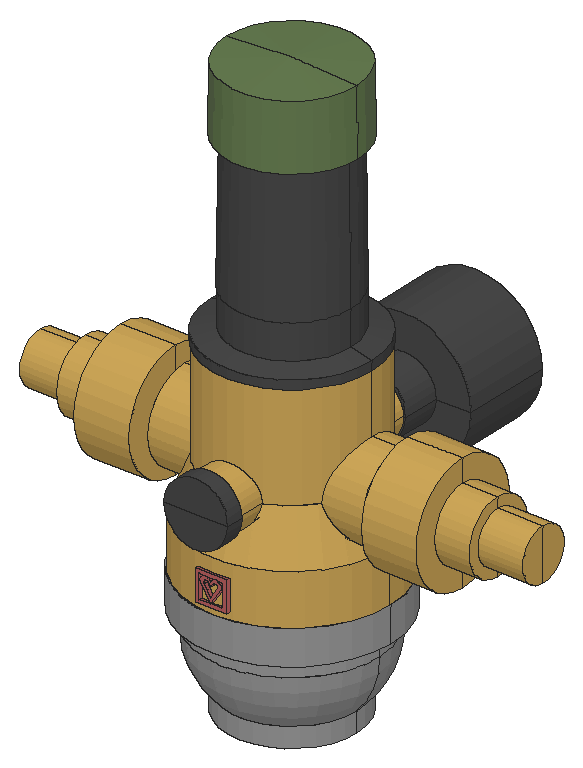
Revit family "HERZ Diaphragm Pressure Reducing Valve With Plastic Cap 2682", category Rohrzubehör, Revit 2020
Family settings
  Bemaßung runder Anschluss = Durchmesser verwenden
  Teiletyp = Unterbricht
  OmniClass-Nummer = 23.65.55.14
  OmniClass-Titel = Valves for Liquid Services
  Arbeitsebenenbasiert = Nein
  Immer vertikal = Ja
  Beim Laden mit Abzugskörper schneiden = Nein
  Gemeinsam genutzt = Nein
Parameters (values of type "Manometer back")
  Vorgabe-Ansicht = 0.000 mm
  Part number [instance] = size_lookup("2682_K_", "Artnr", 0, Nennweite)  # 1268211
  Note = "Pursuant to Article 33 of the REACH Regulation (EC No. 1907/2006), we are obliged to point out that the material lead is listed on the SVHC list and that all brass components manufactured in our products exceed 0.1% (w / w) lead (CAS: 7439-92-1 / EINECS: 231-100-4).\r\nSince lead is a component part of an alloy, actual exposure is not possible and therefore no additional information on safe use is necessary."
  Factory settings = 300000.0 Pa  # constant formula
  W01 = 91.00°  # constant formula
  Vorne [instance] = no
  VRL03 [instance] = size_lookup("2682_K_", "VRL3", 1.000 mm, Nennweite)  # 23.500 mm
  VRL02 [instance] = size_lookup("2682_K_", "VRL2", 1.000 mm, Nennweite)  # 16.000 mm
  VRL01 [instance] = size_lookup("2682_K_", "VRL1", 1.000 mm, Nennweite)  # 73.500 mm
  VRD02 [instance] = size_lookup("2682_K_", "VRD2", 1.000 mm, Nennweite)  # 17.000 mm
  VRD01 [instance] = size_lookup("2682_K_", "VRD1", 1.000 mm, Nennweite)  # 10.500 mm
  VRAG [instance] = Nennweite / 2  # 7.500 mm
  URL = "www.herzvalves.com"
  Standard = "EN 1567"  # constant formula
  Spring = "spring steel"  # constant formula
  SC_NennweiteBerechnet = 0
  SC_Dimension = ""
  SCTWSEQ = "AW;SBT_TYP_AW=\"111\";2"
  SCTWCODE = "04;24;02"  # constant formula
  S02 = 10.000 mm  # constant formula
  S01 [instance] = VRD02 * 2  # 34.000 mm
  R07 [instance] = R05 + 0.800 mm  # 9.300 mm
  R06 = 19.500 mm  # constant formula
  R05 [instance] = size_lookup("2682_K_", "R5", 1.000 mm, Nennweite)  # 8.500 mm
  R04 [instance] = size_lookup("2682_K_", "R4", 1.000 mm, Nennweite)  # 18.900 mm
  R03 [instance] = size_lookup("2682_K_", "R3", 1.000 mm, Nennweite)  # 19.250 mm
  R02 [instance] = size_lookup("2682_K_", "R2", 1.000 mm, Nennweite)  # 28.750 mm
  R01 [instance] = size_lookup("2682_K_", "R1", 1.000 mm, Nennweite)  # 23.250 mm
  Upper part = "PA6.6"  # constant formula
  Nennweite [instance] = 15.000 mm
  Max. operating temperature = 40 °C  # constant formula
  Diaphragm = "EPDM"  # constant formula
  Medium = "water"  # constant formula
  Max. inlet pressure = 1600000.0 Pa  # constant formula
  Manometer scale = "0 - 10 bar"  # constant formula
  Pressure gauge connectors = "1/4\" F (ISO 228-1)"
  LO01 [instance] = H02 - 2.000 mm  # 27.000 mm
  L01 [instance] = size_lookup("2682_K_", "L1", 1.000 mm, Nennweite)  # 10.600 mm
  L00 [instance] = size_lookup("2682_K_", "L", 1.000 mm, Nennweite)  # 84.000 mm
  Bottom cover = "PA12, transparent"  # constant formula
  Hinten [instance] = yes
  Hersteller = "HERZ Armaturen Ges.m.b.H."  # constant formula
  Handle = "PA 6.6, green"  # constant formula
  H12 [instance] = size_lookup("2682_K_", "H12", 1.000 mm, Nennweite)  # 5.800 mm
  H11 [instance] = size_lookup("2682_K_", "H11", 1.000 mm, Nennweite)  # 10.000 mm
  H10 [instance] = size_lookup("2682_K_", "H10", 1.000 mm, Nennweite)  # 37.000 mm
  H09 [instance] = H01 + H04 - H05  # 84.500 mm
  H08 [instance] = size_lookup("2682_K_", "H8", 1.000 mm, Nennweite)  # 20.000 mm
  H07 [instance] = size_lookup("2682_K_", "H7", 1.000 mm, Nennweite)  # 10.000 mm
  H06 [instance] = size_lookup("2682_K_", "H6", 1.000 mm, Nennweite)  # 2.500 mm
  H05 [instance] = size_lookup("2682_K_", "H5", 1.000 mm, Nennweite)  # 4.700 mm
  H04 [instance] = size_lookup("2682_K_", "H4", 1.000 mm, Nennweite)  # 58.700 mm
  H03 [instance] = D02 + 1.000 mm  # 14.220 mm
  H02 [instance] = size_lookup("2682_K_", "H2", 1.000 mm, Nennweite)  # 29.000 mm
  H01 [instance] = size_lookup("2682_K_", "H1", 1.000 mm, Nennweite)  # 30.500 mm
  GT1 [instance] = size_lookup("2682_K_", "GT1", 1.000 mm, Nennweite)  # 12.000 mm
  GT [instance] = size_lookup("2682_K_", "GT", 1.000 mm, Nennweite)  # 13.200 mm
  Filter = "stainless stee, mesh size 0.3 mm"  # constant formula
  Spring guide = "stainless steel"  # constant formula
  Outlet pressure range = "1.5 - 6 bar"  # constant formula
  Sealing = "EPDM"  # constant formula
  D09 [instance] = size_lookup("2682_K_", "D9", 1.000 mm, Nennweite)  # 19.000 mm
  D08 [instance] = size_lookup("2682_K_", "D8", 1.000 mm, Nennweite)  # 25.800 mm
  D07 [instance] = size_lookup("2682_K_", "D7", 1.000 mm, Nennweite)  # 29.000 mm
  D06 [instance] = size_lookup("2682_K_", "D6", 1.000 mm, Nennweite)  # 16.000 mm
  D05 [instance] = size_lookup("2682_K_", "D5", 1.000 mm, Nennweite)  # 16.800 mm
  D04 [instance] = size_lookup("2682_K_", "D4", 1.000 mm, Nennweite)  # 17.300 mm
  D03 [instance] = size_lookup("2682_K_", "D3", 1.000 mm, Nennweite)  # 23.500 mm
  D02 [instance] = size_lookup("2682_K_", "D2", 1.000 mm, Nennweite)  # 13.220 mm
  D01 [instance] = size_lookup("2682_K_", "D1", 1.000 mm, Nennweite)  # 9.525 mm
  Body = "forged brass acc. to EN 12165; CW626N"  # constant formula
  B03 = 5.000 mm  # constant formula
  B02 = 26.000 mm  # constant formula
  B01 [instance] = size_lookup("2682_K_", "B1", 1.000 mm, Nennweite)  # 30.000 mm
  B00 [instance] = size_lookup("2682_K_", "B", 1.000 mm, Nennweite)  # 67.000 mm
  External thread = "acc. to ISO 7-1 and ISO228"  # constant formula
  Application = "The pressure reducing valve protects installations against over pressure (reduces input pressure to a working level).\r\nIt can also be used in heating systems to protect boiler against increased pressure.\r\nThe outlet pressure is adjustable and does not vary with changes of the inlet pressure.\r\nThe outlet pressure can be adjusted by turning the green handle.\r\nTurning the handle clockwise increases the outlet pressure.\r\nTurning above the stated values on the pressure reducer scale may damage the valve.\r\nWe recommend the max. outlet pressure of 4 bar for private house installations (product long life, costs,...).\r\nAfter each new setting of the outlet pressure, the regulated pipe has to be opened and closed."
Types (3, lengths in mm): name | Note | Vorne | URL | Hinten | Application
  (no name) | "Pursuant to Article 33 of the REACH Regulation (EC No. 1907/2006), we are obliged to point out that the material lead is listed on the SVHC list and that all brass components manufactured in our products exceed 0.1% (w / w) lead (CAS: 7439-92-1 / EINECS: 231-100-4).\r\nSince lead is a component part of an alloy, actual exposure is not possible and therefore no additional information on safe use is necessary." | no | "www.herzvalves.com" | yes | "The pressure reducing valve protects installations against over pressure (reduces input pressure to a working level).\r\nIt can also be used in heating systems to protect boiler against increased pressure.\r\nThe outlet pressure is adjustable and does not vary with changes of the inlet pressure.\r\nThe outlet pressure can be adjusted by turning the green handle.\r\nTurning the handle clockwise increases the outlet pressure.\r\nTurning above the stated values on the pressure reducer scale may damage the valve.\r\nWe recommend the max. outlet pressure of 4 bar for private house installations (product long life, costs,...).\r\nAfter each new setting of the outlet pressure, the regulated pipe has to be opened and closed."
  Manometer front | "Gemäß Art 33 der REACH-Verordnung (EG Nr. 1907/2006) sind wir verpflichtet, darauf hinzuweisen, dass der Stoff Blei auf der SVHC-Liste geführt wird und dass alle aus Messing bestehenden Bauteile, die in unseren Erzeugnissen verarbeitet sind, mehr als 0,1 % (w/w) Blei (CAS: 7439-92-1 / EINECS: 231-100-4) enthalten.\r\nDa Blei als Legierungsbestandteil fest gebunden ist, sind keine Expositionen zu erwarten und daher sind keine zusätzlichen Angaben zur sicheren Verwendung notwendig." | yes | "www.herz-armaturen.at" | no | "Typischerweise dient der Druckreduzierer dazu, Installationen beziehungsweise Anlagen vor zu hohem Druck zu schützen.\r\nWeiters können Druckreduzierer in Heizungsanlagen eingesetzt werden, um zu hohe Drücke im Boiler zu verhindern.\r\nDer Druck nach dem Druckreduzierer ist im angegebenen Bereich einstellbar und steht nicht im Zusammenhang mit dem Vordruck.\r\nUm den Druck nach dem Druckreduzierer zu steigern, muss der Handgriff im Uhrzeigersinn gedreht werden.\r\nDurch das Einstellen von Drücken, welche die vorgegebene Skala überschreiten, können Schäden am Druckreduzierer entstehen.\r\nWir empfehlen einen maximalen Hinterdruck sekundärseitig von 4 bar für Anlagen in privaten Haushalten (lange Produktlebensdauer, geringe Kosten).\r\nNach jeder Änderung des Einstellwertes muss die Ausgangsseite druckentlastet werden, zum Beispiel durch Wasserzapfen."
  Manometer back | "Pursuant to Article 33 of the REACH Regulation (EC No. 1907/2006), we are obliged to point out that the material lead is listed on the SVHC list and that all brass components manufactured in our products exceed 0.1% (w / w) lead (CAS: 7439-92-1 / EINECS: 231-100-4).\r\nSince lead is a component part of an alloy, actual exposure is not possible and therefore no additional information on safe use is necessary." | no | "www.herzvalves.com" | yes | "The pressure reducing valve protects installations against over pressure (reduces input pressure to a working level).\r\nIt can also be used in heating systems to protect boiler against increased pressure.\r\nThe outlet pressure is adjustable and does not vary with changes of the inlet pressure.\r\nThe outlet pressure can be adjusted by turning the green handle.\r\nTurning the handle clockwise increases the outlet pressure.\r\nTurning above the stated values on the pressure reducer scale may damage the valve.\r\nWe recommend the max. outlet pressure of 4 bar for private house installations (product long life, costs,...).\r\nAfter each new setting of the outlet pressure, the regulated pipe has to be opened and closed."
Reference planes
  plane 1 "Mitte (Vorne/hinten)": y = 0
  plane 2: z = 0
  plane 3 "Mitte (Links/rechts)": x = 0
Forms (mm)
  Revolve 1, solid, material "Messing, weicher Gelbton, geschweißt", detail levels fine
    sketch origin (0, 0, 0) x (1, 0, 0) y (0, 0, 1)
      loop
        line (-42, 0) -> (42, 0) -> (42, 9.525) -> (31.4, 9.525) -> (31.4, 13.22) -> (-31.4, 13.22) -> (-31.4, 9.525) -> (-42, 9.525) -> (-42, 0)
      axis (-42, 0) -> (42, 0)
    angle from 0 to 360
  Revolve 2, solid, material "Messing, weicher Gelbton, geschweißt", detail levels fine
    sketch origin (0, 0, 0) x (1, 0, 0) y (0, 0, 1)
      loop
        line (0, -29) -> (28.75, -29) -> (28.75, -14.22) -> (23.25, 0) -> (23.25, 30.5) -> (0, 30.5) -> (0, -29)
      axis (0, 30.5) -> (0, -29)
    angle from 0 to 360
  Revolve 3, solid, material "Acetalharz, Schwarz", detail levels fine
    sketch origin (0, 0, 0) x (1, 0, 0) y (0, 0, 1)
      loop
        line (0, 30.5) -> (0, 89.2) -> (-16, 89.2) -> (-16, 84.5) -> (-16.8, 84.5) -> (-17.3, 44.5) -> (-17.3, 34.5) -> (-23.5, 33) -> (-23.5, 30.5) -> (0, 30.5)
      axis (0, 89.2) -> (0, 30.5)
    angle from 0 to 360
  Revolve 4, solid, material "Kunststoff GRÜN", detail levels fine
    sketch origin (0, 0, 0) x (1, 0, 0) y (0, 0, 1)
      loop
        line (0, 84.5) -> (19.25, 84.5) -> (18.9, 103.392)
        arc (18.9, 103.392) -> (9.466, 104.223) -> (0, 104.5) r 161.794
        line (0, 104.5) -> (0, 84.5)
      axis (0, 104.5) -> (0, 84.5)
    angle from 0 to 360
  Revolve 5, solid, material "Kunststoff, transparent", detail levels fine
    sketch origin (0, 0, 0) x (1, 0, 0) y (0, 0, 1)
      loop
        line (0, -29) -> (0, -66) -> (19, -66) -> (19, -60.2)
        arc (19, -60.2) -> (24.034, -52.577) -> (25.8, -43.615) r 23.626
        line (25.8, -43.615) -> (25.8, -39) -> (29, -39) -> (29, -29) -> (0, -29)
      axis (0, -29) -> (0, -66)
    angle from 0 to 360
  Revolve 6, solid, material "Messing, weicher Gelbton, geschweißt", detail levels fine
    sketch origin (0, 0, 0) x (1, 0, 0) y (0, 0, 1)
      loop
        line (34, 9.525) -> (46, 9.525) -> (46, 0) -> (73.5, 0) -> (73.5, 7.5) -> (60.3, 7.5) -> (60.3, 10.5) -> (50, 10.5) -> (50, 17) -> (34, 17) -> (34, 9.525)
      loop
        line (-34, 9.525) -> (-34, 17) -> (-50, 17) -> (-50, 10.5) -> (-60.3, 10.5) -> (-60.3, 7.5) -> (-73.5, 7.5) -> (-73.5, 0) -> (-46, 0) -> (-46, 9.525) -> (-34, 9.525)
      axis (-73.5, 0) -> (73.5, 0)
    angle from 0 to 360
  Revolve 7, solid, material "Messing, weicher Gelbton, geschweißt", detail levels fine
    sketch origin (0, 0, 0) x (1, 0, 0) y (0, 1, 0)
      loop
        line (0, 30) -> (0, -30) -> (8.5, -30) -> (8.5, 30) -> (0, 30)
      axis (0, 30) -> (0, -30)
    angle from 0 to 360
  Revolve 8, solid, material "Acetalharz, Schwarz", visible <- "Vorne", detail levels fine
    sketch origin (0, 0, 0) x (1, 0, 0) y (0, 1, 0)
      loop
        line (0, -30) -> (0, -65) -> (17.5, -65) -> (17.5, -67) -> (19.5, -67) -> (19.5, -41) -> (9.3, -41) -> (9.3, -30) -> (0, -30)
      axis (0, -30) -> (0, -67)
    angle from 0 to 360
  Revolve 9, solid, material "Acetalharz, Schwarz", visible <- "Vorne", detail levels fine
    sketch origin (0, 0, 0) x (1, 0, 0) y (0, 1, 0)
      loop
        line (0, 30) -> (9.3, 30) -> (9.3, 35) -> (0, 35) -> (0, 30)
      axis (0, 35) -> (0, 30)
    angle from 0 to 360
  Revolve 10, solid, material "Acetalharz, Schwarz", visible <- "Hinten", detail levels fine
    sketch origin (0, 0, 0) x (1, 0, 0) y (0, -1, 0)
      loop
        line (0, 30) -> (9.3, 30) -> (9.3, 35) -> (0, 35) -> (0, 30)
      axis (0, 35) -> (0, 30)
    angle from 0 to 360
  Revolve 11, solid, material "Acetalharz, Weiß", visible <- "Vorne", detail levels fine
    sketch origin (0, 0, 0) x (1, 0, 0) y (0, 1, 0)
      loop
        line (0, -65) -> (0, -66.5) -> (17.5, -66.5) -> (17.5, -65) -> (0, -65)
      axis (0, -65) -> (0, -66.5)
    angle from 0 to 360
  Revolve 12, solid, material "Acetalharz, Schwarz", visible <- "Hinten", detail levels fine
    sketch origin (0, 0, 0) x (1, 0, 0) y (0, -1, 0)
      loop
        line (0, -30) -> (0, -65) -> (17.5, -65) -> (17.5, -67) -> (19.5, -67) -> (19.5, -41) -> (9.3, -41) -> (9.3, -30) -> (0, -30)
      axis (0, -30) -> (0, -67)
    angle from 0 to 360
  Revolve 13, solid, material "Acetalharz, Weiß", visible <- "Hinten", detail levels fine
    sketch origin (0, 0, 0) x (1, 0, 0) y (0, -1, 0)
      loop
        line (0, -65) -> (0, -66.5) -> (17.5, -66.5) -> (17.5, -65) -> (0, -65)
      axis (0, -65) -> (0, -66.5)
    angle from 0 to 360
Lines and regions (mm)
  model lines, detail levels coarse+medium
    curve 1: line (-42, 0, -17) -> (-42, 0, 17)
    curve 2: line (-42, 0, 17) -> (42, 0, -34)
    curve 3: line (42, 0, -34) -> (42, 0, 34)
    curve 4: line (42, 0, 34) -> (-42, 0, -17)
    curve 5: line (-42, 0, 17) -> (-52, 0, 17)
    curve 6: line (-52, 0, 17) -> (-42, 0, 0)
    curve 7: line (-42, 0, -17) -> (-52, 0, -17)
    curve 8: line (-52, 0, -17) -> (-42, 0, 0)
    curve 9: line (-42, 0, 0) -> (-73.5, 0, 0)
    curve 10: line (42, 0, 17) -> (52, 0, 17)
    curve 11: line (52, 0, 17) -> (42, 0, 0)
    curve 12: line (42, 0, -17) -> (52, 0, -17)
    curve 13: line (52, 0, -17) -> (42, 0, 0)
    curve 14: line (42, 0, 0) -> (73.5, 0, 0)
    curve 15: line (-42, -17, 0) -> (-42, 17, 0)
    curve 16: line (-42, 17, 0) -> (42, -34, 0)
    curve 17: line (42, -34, 0) -> (42, 34, 0)
    curve 18: line (42, 34, 0) -> (-42, -17, 0)
    curve 19: line (-42, 17, 0) -> (-52, 17, 0)
    curve 20: line (-52, 17, 0) -> (-42, 0, 0)
    curve 21: line (-42, -17, 0) -> (-52, -17, 0)
    curve 22: line (-52, -17, 0) -> (-42, 0, 0)
    curve 23: line (42, 0, -17) -> (42, 0, 17)
    curve 24: line (42, 0, 17) -> (52, 0, 17)
    curve 25: line (52, 0, 17) -> (42, 0, 0)
    curve 26: line (42, 17, 0) -> (52, 17, 0)
    curve 27: line (52, 17, 0) -> (42, 0, 0)
    curve 28: line (42, -17, 0) -> (52, -17, 0)
    curve 29: line (52, -17, 0) -> (42, 0, 0)
Dimensions and locks
  equal spacing: Revolve 1 sketch curve, plane 3 "Mitte (Links/rechts)", Revolve 1 sketch curve
  "L00": Revolve 1 sketch curve to Revolve 1 sketch curve
  "L01": Revolve 1 sketch curve to Revolve 1 sketch curve  (x2)
  "D01": Revolve 1 sketch curve to Revolve 1 sketch curve  (x2)
  "D02": Revolve 1 sketch curve to plane 2
  "R01": Revolve 2 sketch curve to Revolve 2 sketch curve
  "R02": Revolve 2 sketch curve to Revolve 2 sketch curve
  "H01": Revolve 2 sketch curve to plane 2
  "H02": plane 2 to Revolve 2 sketch curve
  "H03": plane 2 to Revolve 2 sketch curve
  "H01": Revolve 3 sketch curve to plane 2
  "H04": Revolve 3 sketch curve to Revolve 3 sketch curve
  "H05": Revolve 3 sketch curve to Revolve 3 sketch curve
  "H06": Revolve 3 sketch curve to Revolve 3 sketch curve
  "H07": Revolve 3 sketch curve to Revolve 3 sketch curve
  "D03": Revolve 3 sketch curve to Revolve 3 sketch curve
  "D04": Revolve 3 sketch curve to Revolve 3 sketch curve
  "D05": Revolve 3 sketch curve to Revolve 3 sketch curve
  "D06": Revolve 3 sketch curve to Revolve 3 sketch curve
  "R03": Revolve 4 sketch curve to Revolve 4 sketch curve
  "H08": Revolve 4 sketch curve to Revolve 4 sketch curve
  "R04": Revolve 4 sketch curve to plane 3 "Mitte (Links/rechts)"
  "H09": Revolve 4 sketch curve to plane 2
  "H10": Revolve 5 sketch curve to Revolve 5 sketch curve
  "H02": plane 2 to Revolve 5 sketch curve
  "D07": Revolve 5 sketch curve to Revolve 5 sketch curve
  "H11": Revolve 5 sketch curve to Revolve 5 sketch curve
  "D08": Revolve 5 sketch curve to Revolve 5 sketch curve
  "H12": Revolve 5 sketch curve to Revolve 5 sketch curve
  "D09": Revolve 5 sketch curve to Revolve 5 sketch curve
  "VRL02": Revolve 6 sketch curve to Revolve 6 sketch curve  (x2)
  "VRL01": Revolve 6 sketch curve to plane 3 "Mitte (Links/rechts)"
  "GT": Revolve 6 sketch curve to Revolve 6 sketch curve  (x2)
  "VRL03": Revolve 6 sketch curve to Revolve 6 sketch curve  (x2)
  "D01": Revolve 6 sketch curve to plane 2  (x2)
  "GT1": Revolve 6 sketch curve to Revolve 6 sketch curve  (x2)
  "VRAG": Revolve 6 sketch curve to plane 2  (x2)
  "VRD01": Revolve 6 sketch curve to plane 2  (x2)
  "VRD02": Revolve 6 sketch curve to Revolve 6 sketch curve  (x2)
  "VRL01": plane 3 "Mitte (Links/rechts)" to Revolve 6 sketch curve
  "B01": Revolve 7 sketch curve to plane 1 "Mitte (Vorne/hinten)" to Revolve 7 sketch curve
  "R05": Revolve 7 sketch curve to Revolve 7 sketch curve
  "B00": Revolve 8 sketch curve to plane 1 "Mitte (Vorne/hinten)"
  "B01": plane 1 "Mitte (Vorne/hinten)" to Revolve 8 sketch curve
  "B02": Revolve 8 sketch curve to Revolve 8 sketch curve
  "R06": Revolve 8 sketch curve to Revolve 8 sketch curve
  "R07": Revolve 8 sketch curve to Revolve 8 sketch curve
  "R02": nested 1 to plane 1 "Mitte (Vorne/hinten)"
  "LO01": plane 2 to nested 1
  "VRD02": curve 2 to plane 2 to curve 4
  "S01": curve 4 to plane 2 to curve 3
  equal spacing: curve 3, plane 3 "Mitte (Links/rechts)", curve 1
  "L00": curve 3 to curve 1
  "S02": curve 1 to curve 6
  "S02": curve 1 to curve 8
  "VRL01": plane 3 "Mitte (Links/rechts)" to curve 9
  "S02": curve 11 to curve 3
  "S02": curve 13 to curve 3
  "VRL01": curve 14 to plane 3 "Mitte (Links/rechts)"
  "VRD02": curve 10 to plane 2 to curve 12
  equal spacing: curve 15, plane 3 "Mitte (Links/rechts)", curve 17
  "L00": curve 15 to curve 17
  "VRD02": curve 18 to plane 1 "Mitte (Vorne/hinten)" to curve 16
  "S01": curve 17 to plane 1 "Mitte (Vorne/hinten)" to curve 18
  "S02": curve 20 to curve 15
  "S02": curve 22 to curve 15
  "S02": curve 17 to curve 27
  "S02": curve 17 to curve 29
  "VRD02": curve 28 to plane 1 "Mitte (Vorne/hinten)" to curve 26
  "R07": Revolve 9 sketch curve to Revolve 9 sketch curve
  "B01": plane 1 "Mitte (Vorne/hinten)" to Revolve 9 sketch curve
  "B03": Revolve 9 sketch curve to Revolve 9 sketch curve
  "R07": Revolve 10 sketch curve to Revolve 10 sketch curve
  "B03": Revolve 10 sketch curve to Revolve 10 sketch curve
  "B01": Revolve 10 sketch curve to plane 1 "Mitte (Vorne/hinten)"
  "B02": Revolve 12 sketch curve to Revolve 12 sketch curve
  "R06": Revolve 12 sketch curve to Revolve 12 sketch curve
  "R07": Revolve 12 sketch curve to Revolve 12 sketch curve
  aligned and locked: level to plane 2
Automatic sketch dimensions
  Revolve 11 sketch curve to plane 3 "Mitte (Links/rechts)" = 0.000 mm  (x2)
  plane 3 "Mitte (Links/rechts)" to Revolve 11 sketch curve = 17.500 mm
  plane 1 "Mitte (Vorne/hinten)" to Revolve 11 sketch curve = 66.500 mm
  Revolve 11 sketch curve to Revolve 11 sketch curve = 1.500 mm
  Revolve 11 sketch curve to Revolve 11 sketch curve = 1933.500 mm
  Revolve 11 sketch curve to plane 1 "Mitte (Vorne/hinten)" = 2000.000 mm
  Revolve 13 sketch curve to plane 3 "Mitte (Links/rechts)" = 0.000 mm  (x2)
  Revolve 13 sketch curve to plane 3 "Mitte (Links/rechts)" = 17.500 mm
  plane 1 "Mitte (Vorne/hinten)" to Revolve 13 sketch curve = 66.500 mm
  Revolve 13 sketch curve to Revolve 13 sketch curve = 1.500 mm
  Revolve 13 sketch curve to Revolve 13 sketch curve = 1933.500 mm
  Revolve 13 sketch curve to plane 1 "Mitte (Vorne/hinten)" = 2000.000 mm
  curve 25 to level = 0.000 mm
  curve 14 to level = 0.000 mm
  curve 6 to level = 0.000 mm
  curve 8 to level = 0.000 mm
  curve 24 to curve 10 = 0.000 mm
  plane 1 "Mitte (Vorne/hinten)" to curve 29 = 0.000 mm
  plane 1 "Mitte (Vorne/hinten)" to curve 20 = 0.000 mm
  Revolve 1 sketch curve to level = 0.000 mm  (x2)
  Revolve 1 sketch curve to Revolve 1 sketch curve = 1464.530 mm
  Revolve 1 sketch curve to Revolve 1 sketch curve = 1797.148 mm
  Revolve 2 sketch curve to plane 3 "Mitte (Links/rechts)" = 0.000 mm  (x2)
  Revolve 2 sketch curve to level = 0.000 mm
  Revolve 2 sketch curve to Revolve 2 sketch curve = 337.045 mm
  Revolve 2 sketch curve to Revolve 2 sketch curve = 2183.815 mm
  Revolve 3 sketch curve to plane 3 "Mitte (Links/rechts)" = 0.000 mm  (x2)
  Revolve 3 sketch curve to Revolve 3 sketch curve = 1.500 mm
  Revolve 3 sketch curve to level = 366.045 mm
  Revolve 3 sketch curve to Revolve 3 sketch curve = 2125.115 mm
  Revolve 4 sketch curve to plane 3 "Mitte (Links/rechts)" = 0.000 mm  (x2)
  Revolve 4 sketch curve to level = 57.294 mm
  Revolve 4 sketch curve to Revolve 4 sketch curve = 308.751 mm
  Revolve 4 sketch curve to Revolve 4 sketch curve = 2109.815 mm
  Revolve 5 sketch curve to plane 3 "Mitte (Links/rechts)" = 0.000 mm  (x2)
  plane 3 "Mitte (Links/rechts)" to Revolve 5 sketch curve = 2.174 mm
  Revolve 5 sketch curve to Revolve 5 sketch curve = 300.045 mm
  level to Revolve 5 sketch curve = 2214.315 mm
  Revolve 6 sketch curve to level = 0.000 mm  (x3)
  Revolve 6 sketch curve to Revolve 6 sketch curve = 1433.030 mm
  Revolve 6 sketch curve to Revolve 6 sketch curve = 1765.648 mm
  Revolve 7 sketch curve to plane 3 "Mitte (Links/rechts)" = 0.000 mm  (x2)
  Revolve 7 sketch curve to Revolve 7 sketch curve = 1950.000 mm  (x2)
  Revolve 8 sketch curve to plane 3 "Mitte (Links/rechts)" = 0.000 mm  (x2)
  Revolve 8 sketch curve to Revolve 8 sketch curve = 2.000 mm  (x2)
  Revolve 8 sketch curve to Revolve 8 sketch curve = 0.000 mm
  Revolve 8 sketch curve to plane 1 "Mitte (Vorne/hinten)" = 2000.000 mm
  Revolve 9 sketch curve to plane 3 "Mitte (Links/rechts)" = 0.000 mm  (x2)
  plane 1 "Mitte (Vorne/hinten)" to Revolve 9 sketch curve = 2000.000 mm
  Revolve 9 sketch curve to Revolve 9 sketch curve = 1963.119 mm
  Revolve 10 sketch curve to plane 3 "Mitte (Links/rechts)" = 0.000 mm  (x2)
  plane 1 "Mitte (Vorne/hinten)" to Revolve 10 sketch curve = 2000.000 mm
  Revolve 10 sketch curve to Revolve 10 sketch curve = 1963.119 mm
  Revolve 12 sketch curve to plane 3 "Mitte (Links/rechts)" = 0.000 mm  (x2)
  Revolve 12 sketch curve to Revolve 12 sketch curve = 2.000 mm  (x2)
  plane 1 "Mitte (Vorne/hinten)" to Revolve 12 sketch curve = 67.000 mm
  Revolve 12 sketch curve to Revolve 12 sketch curve = 11.000 mm
  Revolve 12 sketch curve to Revolve 12 sketch curve = 0.000 mm
  Revolve 12 sketch curve to plane 1 "Mitte (Vorne/hinten)" = 2000.000 mm
Nested families
  nested 1: "Herz-Logo-vorne" at (0, -28.75, -22.5) x (0, 1, 0) z (0, 0, 1), type "Herz-Logo-vorne", detail levels fine
Connectors
  piping at (73.5, 0, 0), diameter 15, driven by "Nennweite"
    settings: on Revolve 6, index 1, connector inside diameter 609.6 mm, connector length 0.000 mm, flow factor 0, pipe flow 0.0 L/s, pressure drop 0.0 Pa, fitting loss kfactor 0, connector angle 0.00°, fixture units 0, engagement length 0.000 mm, angle of deflection 0.00°, flow configuration 0, flow direction 2, fitting loss method 0, system type 29, joint type 0, gender type 0, connector reference index -1, connector utility 0, adjustable connector no, is connector primary yes, connector description ""
  piping at (-73.5, 0, 0), diameter 15, driven by "Nennweite"
    settings: on Revolve 6, index 2, connector inside diameter 609.6 mm, connector length 0.000 mm, flow factor 0, pipe flow 0.0 L/s, pressure drop 0.0 Pa, fitting loss kfactor 0, connector angle 0.00°, fixture units 0, engagement length 0.000 mm, angle of deflection 0.00°, flow configuration 0, flow direction 1, fitting loss method 0, system type 29, joint type 0, gender type 0, connector reference index -1, connector utility 0, adjustable connector no, is connector primary no, connector description ""
Definition of nested family "Herz-Logo-vorne"
  Parameters (values of type "Herz-Logo-vorne")
    Default Elevation = 0.000 mm
  Reference planes
    plane 1 "Mitte (Vorne/hinten)": y = 0
    plane 2: z = 0
    plane 3 "Mitte (Links/rechts)": x = 0
  Forms (mm)
    Extrusion 1, solid
      sketch origin (0.732, -0.018, 0.017) x (0, -1, 0) y (0, 0, 1)
        loop
          line (-0.018, -4.517) -> (4.482, -4.517) -> (4.482, 4.483) -> (-4.518, 4.483) -> (-4.518, -4.517) -> (-0.018, -4.517)
        loop
          line (-0.05, -3.48) -> (3.482, -3.48) -> (3.482, 3.483) -> (-3.518, 3.483) -> (-3.518, -3.48) -> (-0.05, -3.48)
        loop
          arc (-0.018, 2.383) -> (-1.543, 3.287) -> (-3.067, 2.383) r 1.738
          arc (-3.067, 2.383) -> (-3.191, 1.899) -> (-3.067, 1.415) r 1.009
          line (-3.067, 1.415) -> (-0.018, -3.281) -> (3.032, 1.415)
          arc (3.032, 1.415) -> (3.156, 1.899) -> (3.032, 2.383) r 1.009
          arc (3.032, 2.383) -> (1.507, 3.287) -> (-0.018, 2.383) r 1.738
        loop
          arc (1.885, 1.272) -> (2.005, 1.675) -> (1.885, 2.079) r 0.74
          arc (1.885, 2.079) -> (1.265, 2.416) -> (0.644, 2.079) r 0.74
          line (0.644, 2.079) -> (-0.018, 0.97) -> (-0.679, 2.079)
          arc (-0.679, 2.079) -> (-1.3, 2.416) -> (-1.921, 2.079) r 0.74
          arc (-1.921, 2.079) -> (-2.04, 1.675) -> (-1.921, 1.272) r 0.74
          line (-1.921, 1.272) -> (-0.018, -1.658) -> (1.885, 1.272)
      from 0 to 1.5
  Dimensions and locks
    aligned and locked: level to plane 2
